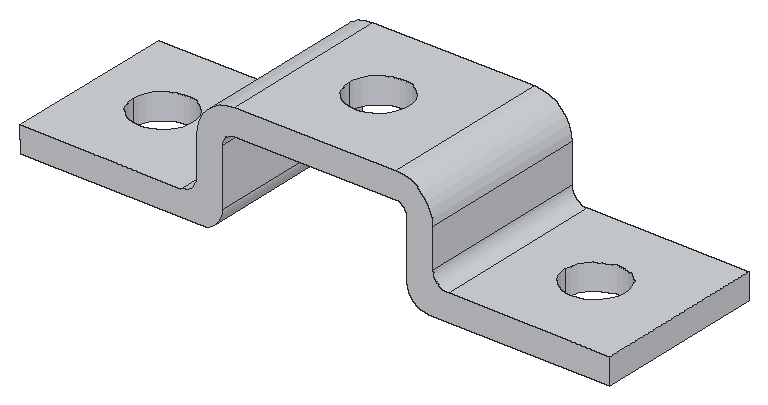
Revit family "MP28", category Generic Models, Revit 2017
Family settings
  Can host rebar = No
  Round Connector Dimension = Use Diameter
  Part Type = Normal
  Work Plane-Based = Yes
  Always vertical = No
  Cut with Voids When Loaded = No
  Shared = No
  Room Calculation Point = No
Parameters (values of type "NBS Standard Parameters")
  Weight = "0.286Kg"
  WarrantyStartDate [instance] = "1900-12-31T23:59:59"
  WarrantyGuarantorParts = "n/a"
  WarrantyGuarantorLabor = "n/a"
  WarrantyDurationUnit = "1 year"
  WarrantyDurationParts = "n/a"
  WarrantyDurationLabor = "n/a"
  WarrantyDescription = "n/a"
  Version = "1"
  Uniclass2 = "Pr_65_70_11_19"
  TagNumber [instance] = "n/a"
  SustainabilityPerformance = "n/a"
  Size = "21mm."
  Shape = "Flat"
  SerialNumber [instance] = "n/a"
  Revision = "n/a"
  ReplacementCost = "n/a"
  ProductInformation = "www.metpro.co.uk/pdf/mp28.pdf"
  NominalWidth = 40 mm
  NominalLength = 138 mm
  NominalHeight = 27 mm
  Name = ""
  NBSTypeID = ""
  NBSReference = "90-55-10/305"
  NBSOfficeMasterTag = ""
  NBSNote = ""
  NBSDescription = "Channel Cable Supports"
  NBSCertification = ""
  ModelReference = "MP28"
  ModelNumber = "n/a"
  Material = "Steel"
  ManufacturerURL = "www.metpro.co.uk"
  ManufacturerName = "Metpro Ltd"
  Keynote = "Compliant to LU Standard 1-085"
  InstallationDate [instance] = "1900-12-31T23:59:59"
  IfcExportType = ""
  IfcExportAs = ""
  Grade = "n/a"
  Finish = "Hot Dipped Galvanised"
  Features = "n/a"
  ExpectedLife = "n/a"
  DurationUnit = "year"
  Description = "MP28  21mm U brackets"
  Default Elevation = 1219.2 mm
  Constituents = "n/a"
  Color = "n/a"
  CodePerformance = "n/a"
  Category = "n/a"
  BarCode [instance] = "n/a"
  BIMObjectName = "metpro_metprolibrary_channelcablesupports_channelbrackets"
  Author = "Metpro Ltd"
  AssetType = ""
  AssetIdentifier [instance] = "n/a"
  AccessibilityPerformance = "n/a"
Reference planes
  plane 1 "Center (Front/Back)": y = 0
  plane 2: z = 0
  plane 3 "Center (Left/Right)": x = 0
Forms (mm)
  Extrusion 1, solid
    sketch origin (45, 26.5, -25.952) x (1, 0, 0) y (0, 0, -1)
      loop
        arc (-17.309, -19.952) -> (-19.212, -19.164) -> (-20, -17.261) r 2.691
        line (-20, -17.261) -> (-20, -3.952)
        arc (-20, -3.952) -> (-21.464, -0.417) -> (-25, 1.048) r 5
        line (-25, 1.048) -> (-66.75, 1.048) -> (-66.75, -4.952) -> (-29.6, -4.952)
        arc (-29.6, -4.952) -> (-27.054, -6.006) -> (-26, -8.552) r 3.6
        line (-26, -8.552) -> (-26, -17.261)
        arc (-26, -17.261) -> (-23.454, -23.406) -> (-17.309, -25.952) r 8.691
        line (-17.309, -25.952) -> (20, -25.952)
        arc (20, -25.952) -> (26.01, -23.462) -> (28.5, -17.452) r 8.5
        line (28.5, -17.452) -> (28.5, -8.51)
        arc (28.5, -8.51) -> (29.542, -5.994) -> (32.058, -4.952) r 3.558
        line (32.058, -4.952) -> (69.25, -4.952) -> (69.25, 1.048) -> (27.5, 1.048)
        arc (27.5, 1.048) -> (23.964, -0.417) -> (22.5, -3.952) r 5
        line (22.5, -3.952) -> (22.5, -17.452)
        arc (22.5, -17.452) -> (21.768, -19.22) -> (20, -19.952) r 2.5
        line (20, -19.952) -> (-17.309, -19.952)
    from 0 to 40
  Extrusion 2, void
    sketch origin (45.797, 26.5, 0) x (0, 1, 0) y (1, 0, 0)
      loop
        circle (20.256, -50.835) r 7
      loop
        circle (20, 49.203) r 7
    from 21 to 27
  Extrusion 3, void
    sketch origin (45.797, 26.5, 0) x (0, 1, 0) y (1, 0, 0)
      loop
        circle (20, -0.797) r 7
    from 0 to 6
Cuts and joins
  Extrusion 2, Extrusion 3 cuts Extrusion 1
Dimensions and locks
  aligned and locked: level to plane 2
